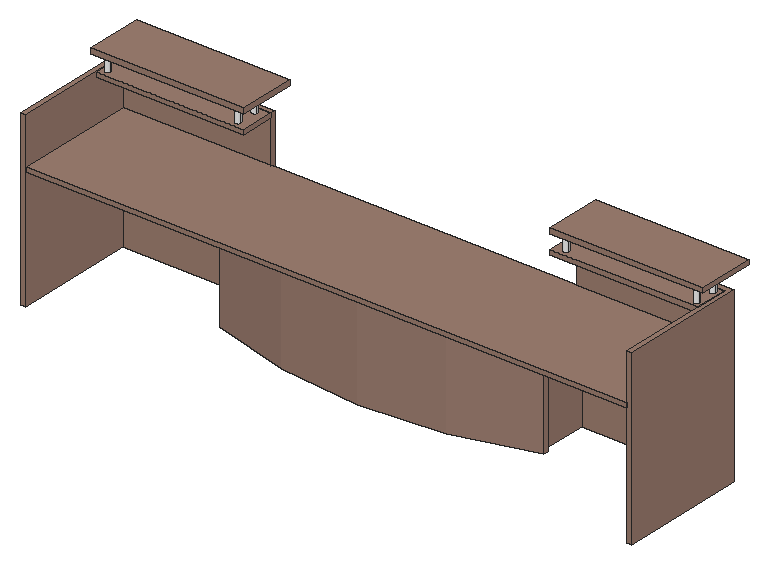
Revit family "T100125", category Furniture, Revit 2022
Family settings
  OmniClass Number = 23.40.20.00
  OmniClass Title = General Furniture and Specialties
  Work Plane-Based = No
  Always vertical = Yes
  Cut with Voids When Loaded = No
  Render Appearance Source = Family Geometry
  Shared = No
  Room Calculation Point = No
Parameters
  Default Elevation = 0' - 0"
Reference planes (in)
  plane 1 "Center Front/Back": y = 0
  plane 2: z = 0
  plane 3 "Center Left/Right": x = 0
Dimensions and locks (in)
  aligned and locked: level to plane 2
Nested families (in)
  nested 1: "OFS ELEMENT DOUBLE DESK OPEN CENTER 144in" at (-36, 0, 0), type "ELEMENT DOUBLE DESK OPEN CENTER 144in Width"
    with Desk Overlay Option no
Definition of nested family "OFS ELEMENT DOUBLE DESK OPEN CENTER 144in"
  Parameters (values of type "ELEMENT DOUBLE DESK OPEN CENTER 144in Width")
    Worksurface Material = none
    Width = 12' - 0"
    Half Width = 6' - 0"
    URL = "http://www.ofsbrands.com/"
    Transaction Shelf Material = none
    Table Supp from Lateral = 0' - 2 5/8"
    Table Supp from Center = 0' - 11 1/8"
    Table Depth = 1' - 1 1/2"
    Return Worksurface Width = 1' - 10"
    Paper Organizer Material = none
    Paper Organizer Depth = 1' - 0 3/4"
    Paper Organizer Clearance = 0' - 4 5/8"
    Paper Organizer Board Thickness = 0' - 0 3/4"
    Model = "EL-T72DC"
    Manufacturer = "OFS"
    Lateral Board Thickness = 0' - 1 3/16"
    Height = 3' - 9"
    Standoffs Material = none
    Groomet Material = none
    Desk Overlay Thickness = 0' - 0 1/8"
    Desk Overlay Option [instance] = yes
    Desk Overlay Material = none
    Desk Overlay = 0' - 6 1/2"
    Description = "OFS BRANDS OFS ELEMENT DOUBLE DESK OPEN CENTER 144\" Width, 2 X 72\"W x 34.3125\"D OPEN DESK:"
    Desk Depth = 2' - 10 5/16"
    Depth = 6' - 10 5/16"
    Default Elevation = 0' - 0"
    Copyright © = "© 2018 OFS BRANDS"
    Catalog = "http://ofs.com/products/casegoods/reception/element"
    Bottom Board Offset = 0' - 0"
    Chassis Material = none
    Base Depth = 2' - 6"
    Back Board Thickness = 0' - 1 3/16"
    Authoring Version = "Autodesk Revit Architecture 2013"
    Assembly Code = "E2020200"
  Reference planes (in)
    plane 1 "Center Front/Back": y = 0
    plane 2: z = 0
    plane 3 "Center Left/Right": x = 0
    plane 4 "Back External": y = 17.15625
    plane 5 "Right External": x = 36
    plane 6 "Front External": y = -17.15625
    plane 7 "Left External": x = -36
    plane 8 "Seat Height": z = 29.5
    plane 9 "Height": z = 45
    plane 10: x = 34.8125
    plane 11: x = -34.8125
    plane 12: y = 12.84375
    plane 13: y = 11.65625
    plane 14: y = 3.65625
    plane 15: z = 40.5
    plane 16: z = 28.5
    plane 17: z = 43.875
    plane 18: z = 39.375
    plane 19: z = 0
    plane 20: x = 33.375
    plane 21: x = 2.625
    plane 22: x = 29.5
    plane 23: z = 6.5
    plane 24: z = 34
    plane 25: y = 12.96875
    plane 26: x = 6.5
    plane 27: x = -34.0625
    plane 28: x = -22.0625
    plane 29: z = 34.125
    plane 30: z = 39.75
    plane 31: z = 34.875
    plane 32: x = 22.0625
    plane 33: x = -33.375
    plane 34: x = -2.625
    plane 35: x = -29.5
    plane 36: x = -6.5
    plane 37: y = 0
    plane 38: x = 72
    plane 39: y = 17.15625
    plane 40: x = 36
    plane 41: y = -17.15625
    plane 42: x = 108
    plane 43: x = 37.1875
    plane 44: x = 106.8125
    plane 45: y = 12.84375
    plane 46: y = 11.65625
    plane 47: y = 3.65625
    plane 48: x = 38.625
    plane 49: x = 69.375
    plane 50: x = 42.5
    plane 51: y = 12.96875
    plane 52: x = 65.5
    plane 53: x = 106.0625
    plane 54: x = 94.0625
    plane 55: x = 49.9375
    plane 56: x = 105.375
    plane 57: x = 74.625
    plane 58: x = 101.5
    plane 59: x = 78.5
  Forms (in)
    Extrusion 1, solid, material <- "Chassis Material"
      sketch origin (0, 0, 0) x (-1, 0, 0) y (0, -1, 0)
        loop
          line (36, -12.84375) -> (36, 17.15625) -> (34.8125, 17.15625) -> (34.8125, -11.65625) -> (0, -11.65625) -> (0, -12.84375) -> (36, -12.84375)
      from 0 to 40.5
    Extrusion 2, solid, material <- "Transaction Shelf Material"
      sketch origin (0, 0, 6) x (-1, 0, 0) y (0, -1, 0)
        loop
          line (0, -17.15625) -> (36, -17.15625) -> (36, -3.65625) -> (0, -3.65625) -> (0, -17.15625)
      from 37.875 to 39
    Extrusion 3, solid, material <- "Standoffs Material"
      sketch origin (-44.5, 0, 0) x (-1, 0, 0) y (0, -1, 0)
        loop
          circle (-41.875, -10.04085) r 0.625
      from 40.5 to 43.875
    Extrusion 4, solid, material <- "Standoffs Material"
      sketch origin (-44.5, -4.75, 0) x (-1, 0, 0) y (0, -1, 0)
        loop
          circle (-41.875, -10.04085) r 0.625
      from 40.5 to 43.875
    Extrusion 5, solid, material <- "Standoffs Material"
      sketch origin (-66.75, 0, 0) x (-1, 0, 0) y (0, -1, 0)
        loop
          circle (-33.375, -10.04085) r 0.625
      from 40.5 to 43.875
    Extrusion 6, solid, material <- "Standoffs Material"
      sketch origin (-66.75, -4.75, 0) x (-1, 0, 0) y (0, -1, 0)
        loop
          circle (-33.375, -10.04085) r 0.625
      from 40.5 to 43.875
    Extrusion 7, solid, material <- "Chassis Material"
      sketch origin (18.5848, -3.95032, 0) x (-1, 0, 0) y (0, -1, 0)
        loop
          line (19.7723, -15.60657) -> (19.7723, -3.95032) -> (18.5848, -3.95032) -> (18.5848, -15.60657) -> (19.7723, -15.60657)
      from 0 to 28.5
    Extrusion 8, solid, material <- "Chassis Material"
      sketch origin (0, 0, 6) x (-1, 0, 0) y (0, -1, 0)
        loop
          line (0, -11.65625) -> (34.8125, -11.65625) -> (34.8125, -3.65625) -> (0, -3.65625) -> (0, -11.65625)
      from 33.375 to 34.5
    Extrusion 9, solid, material <- "Desk Overlay Material", visible <- "Desk Overlay Option"
      sketch origin (0, 0, 0) x (-1, 0, 0) y (0, 0, -1)
        loop
          line (29.5, -34) -> (29.5, -6.5) -> (6.5, -6.5) -> (6.5, -34) -> (29.5, -34)
      from -12.96875 to -12.84375
    Extrusion 10, solid, material <- "Worksurface Material"
      sketch origin (72, 0, 0) x (1, 0, 0) y (0, 1, 0)
        loop
          line (-106.8125, 11.65625) -> (-106.8125, -17.15625) -> (34.8125, -17.15625) -> (34.8125, 11.65625) -> (-106.8125, 11.65625)
      from 28.5 to 29.5
    Extrusion 11, solid, material <- "Chassis Material"
      sketch origin (72, 0, 0) x (1, 0, 0) y (0, 1, 0)
        loop
          line (36, 12.84375) -> (0, 12.84375) -> (0, 11.65625) -> (34.8125, 11.65625) -> (34.8125, -17.15625) -> (36, -17.15625) -> (36, 12.84375)
      from 0 to 40.5
    Extrusion 12, solid, material <- "Transaction Shelf Material"
      sketch origin (72, 0, 6) x (1, 0, 0) y (0, 1, 0)
        loop
          line (0, 17.15625) -> (0, 3.65625) -> (36, 3.65625) -> (36, 17.15625) -> (0, 17.15625)
      from 37.875 to 39
    Extrusion 13, solid, material <- "Standoffs Material"
      sketch origin (116.5, 0, 0) x (1, 0, 0) y (0, 1, 0)
        loop
          circle (-41.875, 10.04085) r 0.625
      from 40.5 to 43.875
    Extrusion 14, solid, material <- "Standoffs Material"
      sketch origin (116.5, -4.75, 0) x (1, 0, 0) y (0, 1, 0)
        loop
          circle (-41.875, 10.04085) r 0.625
      from 40.5 to 43.875
    Extrusion 15, solid, material <- "Standoffs Material"
      sketch origin (138.75, 0, 0) x (1, 0, 0) y (0, 1, 0)
        loop
          circle (-33.375, 10.04085) r 0.625
      from 40.5 to 43.875
    Extrusion 16, solid, material <- "Standoffs Material"
      sketch origin (138.75, -4.75, 0) x (1, 0, 0) y (0, 1, 0)
        loop
          circle (-33.375, 10.04085) r 0.625
      from 40.5 to 43.875
    Extrusion 17, solid, material <- "Chassis Material"
      sketch origin (53.4152, -3.95032, 0) x (1, 0, 0) y (0, 1, 0)
        loop
          line (19.7723, 15.60657) -> (18.5848, 15.60657) -> (18.5848, 3.95032) -> (19.7723, 3.95032) -> (19.7723, 15.60657)
      from 0 to 28.5
    Extrusion 18, solid, material <- "Chassis Material"
      sketch origin (72, 0, 6) x (1, 0, 0) y (0, 1, 0)
        loop
          line (0, 11.65625) -> (0, 3.65625) -> (34.8125, 3.65625) -> (34.8125, 11.65625) -> (0, 11.65625)
      from 33.375 to 34.5
    Extrusion 19, solid, material <- "Desk Overlay Material", visible <- "Desk Overlay Option"
      sketch origin (72, 0, 0) x (1, 0, 0) y (0, 0, 1)
        loop
          line (29.5, 34) -> (6.5, 34) -> (6.5, 6.5) -> (29.5, 6.5) -> (29.5, 34)
      from -12.96875 to -12.84375
    Extrusion 20, solid, material <- "Chassis Material"
      sketch origin (42.58153, -5.98444, 0) x (-1, 0, 0) y (0, -1, 0)
        loop
          arc (44.76903, -5.24195) -> (6.58152, 1.67647) -> (-31.60598, -5.24195) r 108.85073
          line (-31.60598, -5.24195) -> (-31.60598, -6.51103)
          arc (-31.60598, -6.51103) -> (6.58153, 0.48897) -> (44.76903, -6.51103) r 107.66323
          line (44.76903, -6.51103) -> (44.76903, -5.24195)
      from 0 to 28.5
  Dimensions and locks (in)
    equal spacing: plane 7 "Left External", plane 3 "Center Left/Right", plane 5 "Right External"
    "Half Width": plane 7 "Left External" to plane 5 "Right External"
    equal spacing: plane 6 "Front External", plane 1 "Center Front/Back", plane 4 "Back External"
    "Desk Depth": plane 4 "Back External" to plane 6 "Front External"
    plane 8 "Seat Height" to level = 2' - 5 1/2"
    "Height": plane 9 "Height" to level
    "Lateral Board Thickness": plane 7 "Left External" to plane 11
    "Lateral Board Thickness": plane 10 to plane 5 "Right External"
    "Base Depth": plane 12 to plane 6 "Front External"
    "Back Board Thickness": plane 12 to plane 13
    "Table Depth": plane 4 "Back External" to plane 14
    plane 15 to level = 3' - 4 1/2"
    "Bottom Board Offset": plane 19 to level
    "Table Supp from Lateral": plane 5 "Right External" to plane 20
    "Table Supp from Lateral": plane 21 to plane 3 "Center Left/Right"
    "Desk Overlay": plane 5 "Right External" to plane 22
    "Desk Overlay": plane 24 to plane 15
    "Desk Overlay": plane 19 to plane 23
    "Desk Overlay Thickness": plane 25 to plane 12
    "Desk Overlay": plane 26 to plane 3 "Center Left/Right"
    "Paper Organizer Board Thickness": plane 11 to plane 27
    "Paper Organizer Clearance": plane 29 to plane 8 "Seat Height"
    "Paper Organizer Board Thickness": plane 15 to plane 30
    "Paper Organizer Board Thickness": plane 31 to plane 29
    "Table Supp from Lateral": plane 34 to plane 3 "Center Left/Right"
    "Table Supp from Lateral": plane 7 "Left External" to plane 33
    locked: plane 7 "Left External" to plane 35 at 6.5
    equal spacing: plane 42, plane 38, plane 40
    "Half Width": plane 42 to plane 40
    equal spacing: plane 41, plane 37, plane 39
    "Desk Depth": plane 39 to plane 41
    "Lateral Board Thickness": plane 42 to plane 44
    "Lateral Board Thickness": plane 43 to plane 40
    "Base Depth": plane 45 to plane 41
    "Back Board Thickness": plane 45 to plane 46
    "Table Depth": plane 39 to plane 47
    "Table Supp from Lateral": plane 40 to plane 48
    "Table Supp from Lateral": plane 49 to plane 38
    "Paper Organizer Board Thickness": plane 44 to plane 53
    "Table Supp from Lateral": plane 57 to plane 38
    "Table Supp from Lateral": plane 42 to plane 56
    locked: plane 42 to plane 58 at 6.5
    "Width": plane 7 "Left External" to plane 42
    aligned and locked: level to plane 2
    aligned and locked: plane 36 to Extrusion 9
    aligned and locked: plane 35 to Extrusion 9
    aligned and locked: Extrusion 19 to plane 59
    aligned and locked: Extrusion 19 to plane 58
  Automatic sketch dimensions
    Extrusion 1 sketch curve to plane 3 "Center Left/Right" = 0' - 0"
    Extrusion 1 sketch curve to plane 6 "Front External" = 0' - 0"
    Extrusion 1 sketch curve to plane 11 = 0' - 0"
    Extrusion 1 sketch curve to plane 7 "Left External" = 0' - 0"
    Extrusion 1 sketch curve to plane 13 = 0' - 0"
    Extrusion 1 sketch curve to plane 12 = 0' - 0"
    Extrusion 2 sketch curve to plane 3 "Center Left/Right" = 0' - 0"
    Extrusion 2 sketch curve to plane 7 "Left External" = 0' - 0"
    Extrusion 2 sketch curve to plane 4 "Back External" = 0' - 0"
    Extrusion 2 sketch curve to plane 14 = 0' - 0"
    Extrusion 3 sketch curve to plane 34 = 0' - 0"
    plane 13 to Extrusion 3 sketch curve = 0' - 1.6154"
    Extrusion 4 sketch curve to plane 34 = 0' - 0"
    Extrusion 4 sketch curve to plane 14 = 0' - 1.6346"
    Extrusion 5 sketch curve to plane 33 = 0' - 0"
    plane 13 to Extrusion 5 sketch curve = 0' - 1.6154"
    Extrusion 6 sketch curve to plane 33 = 0' - 0"
    Extrusion 6 sketch curve to plane 14 = 0' - 1.6346"
    Extrusion 7 sketch curve to plane 3 "Center Left/Right" = 0' - 0"
    plane 1 "Center Front/Back" to Extrusion 7 sketch curve = 0' - 0"
    Extrusion 7 sketch curve to plane 13 = 0' - 0"
    Extrusion 7 sketch curve to Extrusion 7 sketch curve = 0' - 1 3/16"
    Extrusion 8 sketch curve to plane 3 "Center Left/Right" = 0' - 0"
    Extrusion 8 sketch curve to plane 11 = 0' - 0"
    Extrusion 8 sketch curve to plane 13 = 0' - 0"
    Extrusion 8 sketch curve to plane 14 = 0' - 0"
    Extrusion 9 sketch curve to plane 24 = 0' - 0"
    plane 36 to Extrusion 9 sketch curve = 0' - 0"
    Extrusion 9 sketch curve to plane 23 = 0' - 0"
    plane 35 to Extrusion 9 sketch curve = 0' - 0"
    plane 6 "Front External" to Extrusion 10 sketch curve = 0' - 0"
    Extrusion 10 sketch curve to plane 44 = 0' - 0"
    Extrusion 10 sketch curve to plane 13 = 0' - 0"
    plane 12 to Extrusion 11 sketch curve = 0' - 0"
    Extrusion 11 sketch curve to plane 38 = 0' - 0"
    Extrusion 11 sketch curve to plane 42 = 0' - 0"
    plane 13 to Extrusion 11 sketch curve = 0' - 0"
    plane 14 to Extrusion 12 sketch curve = 0' - 0"
    Extrusion 12 sketch curve to plane 38 = 0' - 0"
    Extrusion 12 sketch curve to plane 42 = 0' - 0"
    plane 4 "Back External" to Extrusion 12 sketch curve = 0' - 0"
    Extrusion 13 sketch curve to plane 57 = 0' - 0"
    Extrusion 13 sketch curve to plane 13 = 0' - 1.6154"
    Extrusion 14 sketch curve to plane 57 = 0' - 0"
    plane 14 to Extrusion 14 sketch curve = 0' - 1.6346"
    Extrusion 15 sketch curve to plane 56 = 0' - 0"
    Extrusion 15 sketch curve to plane 13 = 0' - 1.6154"
    Extrusion 16 sketch curve to plane 56 = 0' - 0"
    plane 14 to Extrusion 16 sketch curve = 0' - 1.6346"
    plane 13 to Extrusion 17 sketch curve = 0' - 0"
    Extrusion 17 sketch curve to plane 38 = 0' - 0"
    plane 1 "Center Front/Back" to Extrusion 17 sketch curve = 0' - 0"
    Extrusion 17 sketch curve to Extrusion 17 sketch curve = 0' - 1 3/16"
    plane 14 to Extrusion 18 sketch curve = 0' - 0"
    Extrusion 18 sketch curve to plane 38 = 0' - 0"
    Extrusion 18 sketch curve to plane 44 = 0' - 0"
    plane 13 to Extrusion 18 sketch curve = 0' - 0"
    Extrusion 19 sketch curve to plane 24 = 0' - 0"
    Extrusion 19 sketch curve to plane 59 = 0' - 0"
    Extrusion 19 sketch curve to plane 23 = 0' - 0"
    plane 58 to Extrusion 19 sketch curve = 0' - 0"
    Extrusion 20 sketch curve to plane 34 = 0' - 0 7/16"
    Extrusion 20 sketch curve to plane 1 "Center Front/Back" = 0' - 0.7425"
    Extrusion 20 sketch curve to plane 57 = 0' - 0 7/16"
    Extrusion 20 sketch curve to plane 5 "Right External" = 0' - 0"  (x2)
    plane 1 "Center Front/Back" to Extrusion 20 sketch curve = 0' - 0.52658"
    Extrusion 20 sketch curve to plane 4 "Back External" = 7' - 0.03356"
    Extrusion 20 sketch curve to Extrusion 20 sketch curve = 0' - 0"
    plane 6 "Front External" to Extrusion 11 sketch curve = 0' - 0"
    Extrusion 11 sketch curve to plane 44 = 0' - 0"
    plane 7 "Left External" to Extrusion 10 sketch curve = 0' - 1 3/16"
    radius of Extrusion 3 sketch curve = 0' - 0 5/8"
    radius of Extrusion 4 sketch curve = 0' - 0 5/8"
    radius of Extrusion 5 sketch curve = 0' - 0 5/8"
    radius of Extrusion 6 sketch curve = 0' - 0 5/8"
    radius of Extrusion 13 sketch curve = 0' - 0 5/8"
    radius of Extrusion 14 sketch curve = 0' - 0 5/8"
    radius of Extrusion 15 sketch curve = 0' - 0 5/8"
    radius of Extrusion 16 sketch curve = 0' - 0 5/8"
